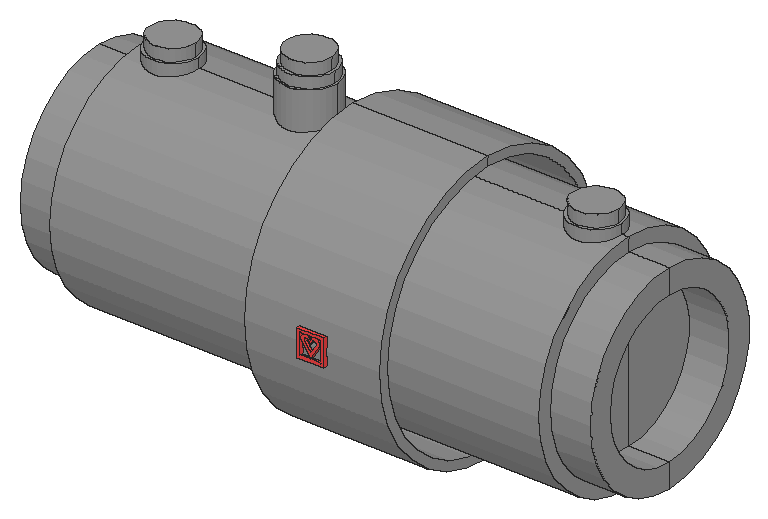
Revit family "Systemtrenner 0307 IG-IG", category Rohrzubehör, Revit 2018
Family settings
  Bemaßung runder Anschluss = Durchmesser verwenden
  Teiletyp = Unterbricht
  OmniClass-Nummer = 23.65.55.14
  OmniClass-Titel = Valves for Liquid Services
  Arbeitsebenenbasiert = Nein
  Immer vertikal = Ja
  Beim Laden mit Abzugskörper schneiden = Nein
  Gemeinsam genutzt = Nein
Parameters (values of type "IG-IG DN50-DN50")
  URL = "www.herz-armaturen.at"
  SCTWSEQ = "AW;SBT_TYP_AW=\"104\";2"
  SCTWCODE = "04;12;02"  # constant formula
  S03 = 15.000 mm  # constant formula
  S02 = 45.000 mm  # constant formula
  S01 = 98.000 mm  # constant formula
  Nennweite Ein [instance] = if(IG_IG_DN40_DN40, 40.000 mm, if(IG_IG_DN40_DN50, 40.000 mm, if(IG_IG_DN50_DN40, 50.000 mm, if(IG_IG_DN50_DN50, 50.000 mm, 0.000 mm))))  # 50.000 mm
  Nennweite Aus [instance] = if(IG_IG_DN40_DN40, 40.000 mm, if(IG_IG_DN40_DN50, 50.000 mm, if(IG_IG_DN50_DN40, 40.000 mm, if(IG_IG_DN50_DN50, 50.000 mm, 0.000 mm))))  # 50.000 mm
  Medium = "Wasser (ohne Dampf)"
  Max. Betriebstemperatur (Kurzzeitig) = 80 °C  # constant formula
  Max. Betriebstemperatur = 65 °C  # constant formula
  Max. Betriebsdruck = 1000000.0 Pa  # constant formula
  L08 = 45.000 mm  # constant formula
  L07 = 24.500 mm  # constant formula
  L06 = 70.000 mm  # constant formula
  L05 = 28.000 mm  # constant formula
  L04 = 13.500 mm  # constant formula
  L03 = 84.500 mm  # constant formula
  L02 = 18.000 mm  # constant formula
  L01 = 190.000 mm  # constant formula
  Hinweis = "Gemäß Art 33 der REACH-Verordnung (EG Nr. 1907/2006) sind wir verpflichtet, darauf hinzuweisen, dass der Stoff Blei auf der SVHC-Liste geführt wird und dass alle aus Messing bestehenden Bauteile, die in unseren Erzeugnissen verarbeitet sind, mehr als 0,1 % (w/w) Blei (CAS: 7439-92-1 / EINECS: 231-100-4) enthalten.\r\nDa Blei als Legierungsbestandteil fest gebunden ist, sind keine Expositionen zu erwarten und daher sind keine zusätzlichen Angaben zur sicheren Verwendung notwendig."
  Hersteller = "HERZ Armaturen Ges.m.b.H."  # constant formula
  Gehäuse = "Edelstahl"  # constant formula
  Einbaulage = "waagrecht oder senkrecht nach unten zeigend"  # constant formula
  D04 [instance] = if(IG_IG_DN40_DN40, 28.000 mm, if(IG_IG_DN40_DN50, 33.000 mm, if(IG_IG_DN50_DN40, 28.000 mm, if(IG_IG_DN50_DN50, 33.000 mm, 0.000 mm))))  # 33.000 mm
  D03 [instance] = if(IG_IG_DN40_DN40, 28.000 mm, if(IG_IG_DN40_DN50, 28.000 mm, if(IG_IG_DN50_DN40, 33.000 mm, if(IG_IG_DN50_DN50, 33.000 mm, 0.000 mm))))  # 33.000 mm
  D02 = 45.000 mm  # constant formula
  D01 = 37.500 mm  # constant formula
  Bestellnummer [instance] = if(IG_IG_DN40_DN40, "I030701", if(IG_IG_DN40_DN50, "I030709", if(IG_IG_DN50_DN40, "I030713", if(IG_IG_DN50_DN50, "I030705", "0"))))  # "I030705"
  Ausführung = "Der Systemtrenner wurde nach der Norm DIN EN 1717 entwickelt.\r\nLaut dieser Norm ist die Wasserqualität je nach Grad der Verschmutzung in 5 Klassen eingeteilt.\r\nDer Systemtrenner Typ BA erlaubt eine Absicherung gegen Nichttrinkwasser bis zur Gefahrenklasse 4, der höchsten Gefahrenklasse, die mit einer Armatur abgesichert werden kann.\r\nEine niedrigere Absicherung eines Standrohres als mit einem Systemtrenner BA nach DIN EN 1717 entspricht nicht mehr dem Stand der Technik und führt damit bei einem Schadensfall zur Haftpflicht des Betreibers eines solchen Standrohres.\r\nDie Funktionseinheit ist als einteilige Kartusche mit groß bemessenem Steuerkolben und druckstoßgedämpftem Ablassventilsystem ausgebildet.\r\nGewindeanschlüsse sind untereinander austauschbar, wodurch 16 mögliche Anschlussvarianten (Eingangs- und Ausgangsseite erhältlich in 1 1/2” Innen- oder Außengewinde alternativ in 2” Innen- oder Außengewinde)."
  Anwendung = "Der Systemtrenner ist eine kostengünstige Lösung zum Nachrüsten von Standrohren mit der nach DIN EN 1717 zwingend vorgeschriebenen Sicherungsarmatur gegen Rücksaugen, Rückfließen oder Rückdrücken von Nichttrinkwasser in die Trinkwasserleitung.\r\nDer Systemtrenner ist für den waagerechten Einbau geeignet.\r\nEr kann auch senkrecht montiert werden aber nach unten zeigend.\r\nFür den Einbau in eine Steigleitung ist er nicht zulässig."
  IG_IG_DN50_DN50 = yes
  IG_IG_DN50_DN40 = no
  IG_IG_DN40_DN50 = no
  IG_IG_DN40_DN40 = no
  IG Ein [instance] = Nennweite Ein / 2  # 25.000 mm
  IG Aus [instance] = Nennweite Aus / 2  # 25.000 mm
Types (5, lengths in mm): name | Nennweite Ein | Nennweite Aus | D04 | D03 | Bestellnummer | IG_IG_DN50_DN50 | IG_IG_DN50_DN40 | IG_IG_DN40_DN50 | IG_IG_DN40_DN40 | IG Ein | IG Aus
  (no name) | 50.000 | 50.000 | 33.000 | 33.000 | "I030705" | yes | no | no | no | 25.000 | 25.000
  IG-IG DN40-DN50 | 40.000 | 50.000 | 33.000 | 28.000 | "I030709" | no | no | yes | no | 20.000 | 25.000
  IG-IG DN40-DN40 | 40.000 | 40.000 | 28.000 | 28.000 | "I030701" | no | no | no | yes | 20.000 | 20.000
  IG-IG DN50-DN50 | 50.000 | 50.000 | 33.000 | 33.000 | "I030705" | yes | no | no | no | 25.000 | 25.000
  IG-IG DN50-DN40 | 50.000 | 40.000 | 28.000 | 33.000 | "I030713" | no | yes | no | no | 25.000 | 20.000
Reference planes
  plane 1 "Mitte (Vorne/hinten)": y = 0
  plane 2: z = 0
  plane 3 "Mitte (Links/rechts)": x = 0
Forms (mm)
  Revolve 1, solid, material "Messing, weicher Gelbton, geschweißt", detail levels fine
    sketch origin (0, 0, 0) x (1, 0, 0) y (0, 0, 1)
      loop
        line (81.5, 0) -> (81.5, 25) -> (95, 25) -> (95, 33) -> (81.5, 33) -> (81.5, 37.5) -> (-81.5, 37.5) -> (-81.5, 33) -> (-95, 33) -> (-95, 25) -> (-81.5, 25) -> (-81.5, 0) -> (81.5, 0)
      axis (-95, 0) -> (95, 0)
    angle from 0 to 360
  Revolve 2, solid, material "Acetalharz, Schwarz", detail levels fine
    sketch origin (0, 0, 0) x (1, 0, 0) y (0, 0, 1)
      loop
        line (-10.5, 0) -> (1.5, 0) -> (1.5, 42) -> (34.5, 42) -> (34.5, 45) -> (-10.5, 45) -> (-10.5, 0)
      axis (-10.5, 0) -> (34.5, 0)
    angle from 0 to 360
  Extrusion 3, solid, material "Messing, weicher Gelbton, geschweißt", detail levels fine
    sketch origin (0, 0, 0) x (1, 0, 0) y (0, 1, 0)
      loop
        circle (-70.5, 0) r 8.5
      loop
        circle (70.5, 0) r 8.5
    from 0 to 40.5
  Extrusion 4, solid, material "Acetalharz, Schwarz", detail levels fine
    sketch origin (0, 0, 0) x (1, 0, 0) y (0, 1, 0)
      loop
        circle (-70.5, 0) r 7.5
      loop
        circle (70.5, 0) r 7.5
    from 40.5 to 44.5
  Extrusion 5, solid, material "Messing, weicher Gelbton, geschweißt", detail levels fine
    sketch origin (0, 0, 0) x (1, 0, 0) y (0, 1, 0)
      loop
        circle (-25, 0) r 9.3
    from 0 to 49
  Extrusion 6, solid, material "Messing, weicher Gelbton, geschweißt", detail levels fine
    sketch origin (0, 0, 0) x (1, 0, 0) y (0, 1, 0)
      loop
        circle (-25, 0) r 8.5
    from 49 to 52.5
  Extrusion 7, solid, material "Acetalharz, Schwarz", visible <- "IG_IG_DN40_DN50", detail levels fine
    sketch origin (0, 0, 0) x (1, 0, 0) y (0, 1, 0)
      loop
        circle (-25, 0) r 7.5
    from 52.5 to 56.5
  Extrusion 8, solid, material "Acetalharz, Schwarz", visible <- "IG_IG_DN40_DN40", detail levels fine
    sketch origin (0, 0, 0) x (1, 0, 0) y (0, 1, 0)
      loop
        circle (-25, 0) r 7.5
    from 52.5 to 56.4
  Extrusion 9, solid, material "Acetalharz, Schwarz", visible <- "IG_IG_DN50_DN50", detail levels fine
    sketch origin (0, 0, 0) x (1, 0, 0) y (0, 1, 0)
      loop
        circle (-25, 0) r 7.5
    from 52.5 to 56.3
  Extrusion 10, solid, material "Acetalharz, Schwarz", visible <- "IG_IG_DN50_DN40", detail levels fine
    sketch origin (0, 0, 0) x (1, 0, 0) y (0, 1, 0)
      loop
        circle (-25, 0) r 7.5
    from 52.5 to 56.2
Lines and regions (mm)
  model lines, detail levels coarse+medium
    curve 1: line (-95, 0, 37.5) -> (95, 0, 37.5)
    curve 2: line (-95, 0, -37.5) -> (-95, 0, 37.5)
    curve 3: line (95, 0, -37.5) -> (-95, 0, -37.5)
    curve 4: line (95, 0, 37.5) -> (95, 0, -37.5)
    curve 5: line (-95, 0, -22.5) -> (-50, 0, -22.5)
    curve 6: line (-3, 0, -22.5) -> (95, 0, -22.5)
    curve 7: line (-95, 0, 22.5) -> (-50, 0, 22.5)
    curve 8: line (-3, 0, 22.5) -> (95, 0, 22.5)
    curve 9: line (-95, 37.5, 0) -> (95, 37.5, 0)
    curve 10: line (-95, -37.5, 0) -> (-95, 37.5, 0)
    curve 11: line (95, -37.5, 0) -> (-95, -37.5, 0)
    curve 12: line (95, 37.5, 0) -> (95, -37.5, 0)
    curve 13: line (-95, 22.5, 0) -> (-50, 22.5, 0)
    curve 14: line (-3, 22.5, 0) -> (95, 22.5, 0)
    curve 15: line (-95, -22.5, 0) -> (-50, -22.5, 0)
    curve 16: line (-3, -22.5, 0) -> (95, -22.5, 0)
Dimensions and locks
  equal spacing: curve 4, plane 3 "Mitte (Links/rechts)", curve 2
  "L01": curve 4 to curve 2
  "D01": curve 1 to plane 2 to curve 3
  "S03": curve 5 to curve 3
  "S03": curve 1 to curve 7
  "S03": curve 1 to curve 8
  "S03": curve 6 to curve 3
  "S02": curve 5 to curve 2
  "S02": curve 7 to curve 2
  "S01": curve 8 to curve 4
  "S01": curve 6 to curve 4
  equal spacing: curve 10, plane 3 "Mitte (Links/rechts)", curve 12
  "L01": curve 10 to curve 12
  "D01": curve 11 to plane 1 "Mitte (Vorne/hinten)" to curve 9
  "S03": curve 13 to curve 9
  "S03": curve 11 to curve 15
  "S03": curve 14 to curve 9
  "S03": curve 11 to curve 16
  "S01": curve 14 to curve 12
  "S01": curve 16 to curve 12
  "S02": curve 10 to curve 15
  "S02": curve 10 to curve 13
  "D02": Revolve 2 sketch curve to Revolve 2 sketch curve
  equal spacing: Revolve 2, nested 1, Revolve 2
  "D02": nested 1 to plane 1 "Mitte (Vorne/hinten)"
  "IG Ein": Revolve 1 sketch curve to plane 2
  "D03": Revolve 1 sketch curve to plane 2
  "D01": Revolve 1 sketch curve to plane 2
  "L03": Revolve 1 to Revolve 2 sketch curve
  "L07": Revolve 1 to Extrusion 3 sketch curve
  "L07": Revolve 1 to Extrusion 4 sketch curve
  "L06": Revolve 1 to Extrusion 5 sketch curve
  "L06": Revolve 1 to Extrusion 6 sketch curve
  "L06": Revolve 1 to Extrusion 10 sketch curve
  "L06": Revolve 1 to Extrusion 9 sketch curve
  "L06": Revolve 1 to Extrusion 8 sketch curve
  "L06": Revolve 1 to Extrusion 7 sketch curve
  "L08": Revolve 2 sketch curve to Revolve 2 sketch curve
  "IG Aus": Revolve 1 sketch curve to Revolve 1 sketch curve
  "D04": Revolve 1 sketch curve to Revolve 1 sketch curve
  "L01": Revolve 1 sketch curve to Revolve 1 sketch curve
  equal spacing: Revolve 1 sketch curve, plane 3 "Mitte (Links/rechts)", Revolve 1 sketch curve
  "L07": Extrusion 3 sketch curve to Revolve 1
  "L07": Extrusion 4 sketch curve to Revolve 1
  "L04": Revolve 1 sketch curve to Revolve 1 sketch curve  (x2)
  aligned and locked: level to plane 2
Automatic sketch dimensions
  Revolve 1 sketch curve to level = 0.000 mm  (x2)
  Revolve 1 sketch curve to Revolve 1 sketch curve = 0.000 mm
  Revolve 1 sketch curve to Revolve 1 sketch curve = 13.500 mm
  Revolve 1 sketch curve to Revolve 1 sketch curve = 1408.530 mm
  Revolve 1 sketch curve to Revolve 1 sketch curve = 1741.148 mm
  Revolve 2 sketch curve to level = 0.000 mm  (x2)
  plane 3 "Mitte (Links/rechts)" to Revolve 2 sketch curve = 1.500 mm
  Revolve 2 sketch curve to Revolve 2 sketch curve = 3.000 mm
  Revolve 2 sketch curve to Revolve 2 sketch curve = 1496.030 mm
  Revolve 2 sketch curve to Revolve 2 sketch curve = 1804.648 mm
  plane 1 "Mitte (Vorne/hinten)" to Extrusion 3 sketch curve = 0.000 mm  (x2)
  plane 1 "Mitte (Vorne/hinten)" to Extrusion 4 sketch curve = 0.000 mm  (x2)
  plane 1 "Mitte (Vorne/hinten)" to Extrusion 5 sketch curve = 0.000 mm
  plane 1 "Mitte (Vorne/hinten)" to Extrusion 6 sketch curve = 0.000 mm
  plane 1 "Mitte (Vorne/hinten)" to Extrusion 7 sketch curve = 0.000 mm
  plane 1 "Mitte (Vorne/hinten)" to Extrusion 8 sketch curve = 0.000 mm
  plane 1 "Mitte (Vorne/hinten)" to Extrusion 9 sketch curve = 0.000 mm
  plane 1 "Mitte (Vorne/hinten)" to Extrusion 10 sketch curve = 0.000 mm
  radius of Extrusion 3 sketch curve = 8.500 mm  (x2)
  radius of Extrusion 4 sketch curve = 7.500 mm  (x2)
  radius of Extrusion 5 sketch curve = 9.300 mm
  radius of Extrusion 6 sketch curve = 8.500 mm
  radius of Extrusion 7 sketch curve = 7.500 mm
  radius of Extrusion 8 sketch curve = 7.500 mm
  radius of Extrusion 9 sketch curve = 7.500 mm
  radius of Extrusion 10 sketch curve = 7.500 mm
Nested families
  nested 1: "Herz-Logo-vorne" at (12, -45, 0) x (0, 1, 0) z (0, 0, 1), type "Herz-Logo-vorne", detail levels fine
Connectors
  piping at (-81.5, 0, 0), diameter 50, driven by "Nennweite Ein"
    settings: on Revolve 1, index 1, connector inside diameter 609.6 mm, connector length 0.000 mm, flow factor 0, pipe flow 0.0 L/s, pressure drop 0.0 Pa, fitting loss kfactor 0, connector angle 0.00°, fixture units 0, engagement length 0.000 mm, angle of deflection 0.00°, flow configuration 0, flow direction 1, fitting loss method 0, system type 29, joint type 0, gender type 0, connector reference index -1, connector utility 0, adjustable connector no, is connector primary yes, connector description ""
  piping at (81.5, 0, 0), diameter 50, driven by "Nennweite Aus"
    settings: on Revolve 1, index 2, connector inside diameter 609.6 mm, connector length 0.000 mm, flow factor 0, pipe flow 0.0 L/s, pressure drop 0.0 Pa, fitting loss kfactor 0, connector angle 0.00°, fixture units 0, engagement length 0.000 mm, angle of deflection 0.00°, flow configuration 0, flow direction 2, fitting loss method 0, system type 29, joint type 0, gender type 0, connector reference index -1, connector utility 0, adjustable connector no, is connector primary no, connector description ""
Definition of nested family "Herz-Logo-vorne"
  Reference planes
    plane 1 "Mitte (Vorne/hinten)": y = 0
    plane 2: z = 0
    plane 3 "Mitte (Links/rechts)": x = 0
  Forms (mm)
    Extrusion 1, solid
      sketch origin (0.732, -0.018, 0.017) x (0, -1, 0) y (0, 0, 1)
        loop
          line (-0.018, -4.517) -> (4.482, -4.517) -> (4.482, 4.483) -> (-4.518, 4.483) -> (-4.518, -4.517) -> (-0.018, -4.517)
        loop
          line (-0.05, -3.48) -> (3.482, -3.48) -> (3.482, 3.483) -> (-3.518, 3.483) -> (-3.518, -3.48) -> (-0.05, -3.48)
        loop
          arc (-0.018, 2.383) -> (-1.543, 3.287) -> (-3.067, 2.383) r 1.738
          arc (-3.067, 2.383) -> (-3.191, 1.899) -> (-3.067, 1.415) r 1.009
          line (-3.067, 1.415) -> (-0.018, -3.281) -> (3.032, 1.415)
          arc (3.032, 1.415) -> (3.156, 1.899) -> (3.032, 2.383) r 1.009
          arc (3.032, 2.383) -> (1.507, 3.287) -> (-0.018, 2.383) r 1.738
        loop
          arc (1.885, 1.272) -> (2.005, 1.675) -> (1.885, 2.079) r 0.74
          arc (1.885, 2.079) -> (1.265, 2.416) -> (0.644, 2.079) r 0.74
          line (0.644, 2.079) -> (-0.018, 0.97) -> (-0.679, 2.079)
          arc (-0.679, 2.079) -> (-1.3, 2.416) -> (-1.921, 2.079) r 0.74
          arc (-1.921, 2.079) -> (-2.04, 1.675) -> (-1.921, 1.272) r 0.74
          line (-1.921, 1.272) -> (-0.018, -1.658) -> (1.885, 1.272)
      from 0 to 1.5
  Dimensions and locks
    aligned and locked: level to plane 2
